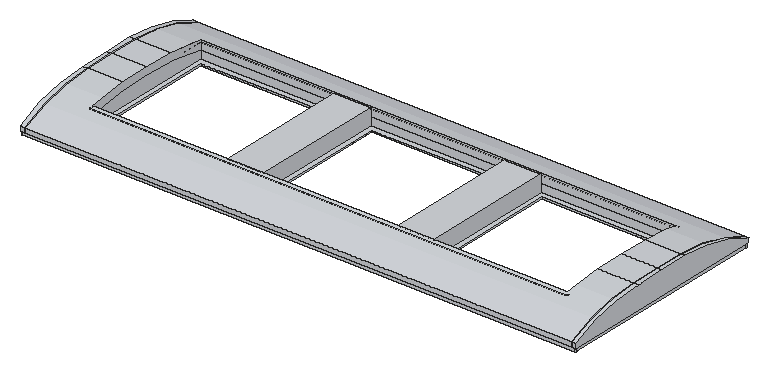
Revit family "Gira_0213766", category Electrical Fixtures, host Face, Revit 2017
Family settings
  Host = Face
  Maintain Annotation Orientation = No
  Round Connector Dimension = Use Diameter
  Part Type = Normal
  Cut with Voids When Loaded = No
  Shared = No
  Room Calculation Point = No
Parameters (values of type "Cov.fr. 3-g interm.fr. CAl Gira Event Clear brown")
  With mounting grid = "No"
  With hinged lid = "No"
  URL = "http://katalog.gira.de/en/datenblatt.html?artikelnr=0213766"
  Type of fastening = "Clamp mounting"
  Transparent = "No"
  Surface protection = "Other"
  Surface finishing = "Glossy"
  Suitable for wall duct = "No"
  Suitable for flush-mounted installation = "Yes"
  Suitable for floor box = "No"
  Suitable for built-in installation = "No"
  Number of units vertical = "3"
  Number of units horizontal = "3"
  Number of units = "3"
  Name = "Cov.fr. 3-g interm.fr. CAl Gira Event Clear brown"
  Mounting direction = "Horizontal and vertical"
  Material quality = "Thermoplastic"
  Material = "Plastic"
  Manufacturer URL = "https://www.gira.de/"
  Manufacturer = "Gira"
  Label space/information surface = "No"
  Keynote = ""
  HeinzeBIM = "https://bimportal.heinze.de/bim/cov-fr-3-g-interm-fr-cal-gira-event-clear-brown/42d670d1d7bac66b800c1b13c9b516c873edd9f2"
  Halogen free = "Yes"
  HAN = "0213766"
  GTIN = "4010337069416"
  Description = "Cov.fr.3g i.fr.CAl EvCl BN,Gira Event Clear cover frame,brown with colour aluminium intermediate frame,3-gang,Features:,- Shatter-proof."
  Degree of protection (IP) = "IP20"
  Default Elevation = 1219.2 mm
  Data sheet (1) = "https://katalog.gira.de/en/download.html?artikelnr=0213766"
  Colour = "Brown"
  Category = "Cover frame for domestic switching devices"
  BIM (1) = "https://media.stage.bim.site/public/gira/36a6b08/Event_Rahmen_3fach.rfa"
  Available = "No"
Reference planes
  plane 1 "Center (Front/Back)": y = 0
  plane 2: z = 0
  plane 3 "Center (Left/Right)": x = 0
Forms (mm)
  Extrusion 1, solid, detail levels fine
    sketch origin (0, 0, 0.05) x (0, 1, 0) y (0, 0, 1)
      loop
        arc (12.445, 9.683) -> (6.223, 9.833) -> (0, 9.85) r 291.636
        arc (0, 9.85) -> (-6.223, 9.833) -> (-12.445, 9.683) r 291.636
        arc (-12.445, 9.683) -> (-29.14, 7.482) -> (-45, 1.823) r 79.728
        line (-45, 1.823) -> (-45, -0.05) -> (-42.086, -0.05)
        arc (-42.086, -0.05) -> (-21.385, 5.559) -> (0, 7.206) r 114.424
        arc (0, 7.206) -> (21.385, 5.559) -> (42.086, -0.05) r 114.424
        line (42.086, -0.05) -> (45, -0.05) -> (45, 1.823)
        arc (45, 1.823) -> (29.14, 7.482) -> (12.445, 9.683) r 79.728
    from -114.3 to 114.3
  Extrusion 2, void, detail levels fine
    sketch origin (0, 0, 0) x (1, 0, 0) y (0, 1, 0)
      loop
        line (-99.355, -28.053) -> (99.355, -28.053) -> (99.355, 28.053) -> (-99.355, 28.053) -> (-99.355, -28.053)
    from 0.724 to 11
  Extrusion 3, solid, detail levels coarse
    sketch origin (0, 0, 0) x (1, 0, 0) y (0, 1, 0)
      loop
        line (-116.3, 45) -> (-116.3, -45) -> (116.3, -45) -> (116.3, 45) -> (-116.3, 45)
    from -1.5 to 9.9
  Extrusion 4, solid, detail levels medium
    sketch origin (0, 0, 0.05) x (0, 1, 0) y (0, 0, 1)
      loop
        arc (12.445, 9.683) -> (6.223, 9.833) -> (0, 9.85) r 291.636
        arc (0, 9.85) -> (-6.223, 9.833) -> (-12.445, 9.683) r 291.636
        arc (-12.445, 9.683) -> (-29.14, 7.482) -> (-45, 1.823) r 79.728
        line (-45, 1.823) -> (-45, -0.05) -> (45, -0.05) -> (45, 1.823)
        arc (45, 1.823) -> (29.14, 7.482) -> (12.445, 9.683) r 79.728
    from -116.3 to 116.3
  Extrusion 5, solid, detail levels fine
    sketch origin (-71.3, 0, -1.5) x (0, 1, 0) y (0, 0, -1)
      loop
        line (45, -3.373) -> (45, -1.5) -> (-45, -1.5) -> (-45, -3.373)
        arc (-45, -3.373) -> (-29.14, -9.032) -> (-12.445, -11.233) r 79.728
        arc (-12.445, -11.233) -> (-6.223, -11.383) -> (0, -11.4) r 291.636
        arc (0, -11.4) -> (6.223, -11.383) -> (12.445, -11.233) r 291.636
        arc (12.445, -11.233) -> (29.14, -9.032) -> (45, -3.373) r 79.728
    from 43 to 45
  Extrusion 6, solid, detail levels fine
    sketch origin (0, 0, 0) x (1, 0, 0) y (0, 1, 0)
      loop
        line (-97.195, 25.7) -> (-97.195, -25.7) -> (-45.395, -25.7) -> (-45.395, 25.7) -> (-97.195, 25.7)
      loop
        line (25.9, -25.7) -> (25.9, 25.7) -> (-25.9, 25.7) -> (-25.9, -25.7) -> (25.9, -25.7)
      loop
        line (-100.19, 28.49) -> (-100.19, -28.495)
        spline (-100.19, -28.495) -> (-100.181, -28.625) -> (-100.156, -28.754) -> (-100.113, -28.878) -> (-100.056, -28.995) -> (-99.983, -29.104) -> (-99.897, -29.202) -> (-99.798, -29.288) -> (-99.69, -29.361) -> (-99.572, -29.419) -> (-99.448, -29.461) -> (-99.32, -29.486) -> (-99.19, -29.495)
        line (-99.19, -29.495) -> (99.195, -29.495)
        spline (99.195, -29.495) -> (99.325, -29.486) -> (99.454, -29.461) -> (99.578, -29.419) -> (99.695, -29.361) -> (99.804, -29.288) -> (99.902, -29.202) -> (99.988, -29.104) -> (100.061, -28.995) -> (100.119, -28.878) -> (100.161, -28.754) -> (100.186, -28.625) -> (100.195, -28.495)
        line (100.195, -28.495) -> (100.195, 28.49)
        spline (100.195, 28.49) -> (100.186, 28.62) -> (100.161, 28.748) -> (100.119, 28.872) -> (100.061, 28.99) -> (99.988, 29.098) -> (99.902, 29.197) -> (99.804, 29.283) -> (99.695, 29.356) -> (99.578, 29.413) -> (99.454, 29.456) -> (99.325, 29.481) -> (99.195, 29.49)
        line (99.195, 29.49) -> (-99.19, 29.49)
        spline (-99.19, 29.49) -> (-99.32, 29.481) -> (-99.448, 29.456) -> (-99.572, 29.413) -> (-99.69, 29.356) -> (-99.798, 29.283) -> (-99.897, 29.197) -> (-99.983, 29.098) -> (-100.056, 28.99) -> (-100.113, 28.872) -> (-100.156, 28.748) -> (-100.181, 28.62) -> (-100.19, 28.49)
      loop
        line (97.2, -25.7) -> (97.2, 25.7) -> (45.4, 25.7) -> (45.4, -25.7) -> (97.2, -25.7)
    from 0.1 to 7.3
  Extrusion 7, solid
    sketch origin (0, 0, 0) x (1, 0, 0) y (0, 1, 0)
      loop
        arc (-116, -44.2) -> (-115.854, -44.554) -> (-115.5, -44.7) r 0.5
        line (-115.5, -44.7) -> (115.5, -44.7)
        arc (115.5, -44.7) -> (115.854, -44.554) -> (116, -44.2) r 0.5
        line (116, -44.2) -> (116, 44.2)
        arc (116, 44.2) -> (115.854, 44.554) -> (115.5, 44.7) r 0.5
        line (115.5, 44.7) -> (-115.5, 44.7)
        arc (-115.5, 44.7) -> (-115.854, 44.554) -> (-116, 44.2) r 0.5
        line (-116, 44.2) -> (-116, -44.2)
      loop
        line (-114.3, 43) -> (-114.3, -43) -> (114.3, -43) -> (114.3, 43) -> (-114.3, 43)
    from -1.5 to 0.5
  Extrusion 8, solid, detail levels fine
    sketch origin (71.3, 0, -1.5) x (0, 1, 0) y (0, 0, 1)
      loop
        arc (45, 3.373) -> (29.14, 9.032) -> (12.445, 11.233) r 79.728
        arc (12.445, 11.233) -> (6.223, 11.383) -> (0, 11.4) r 291.636
        arc (0, 11.4) -> (-6.223, 11.383) -> (-12.445, 11.233) r 291.636
        arc (-12.445, 11.233) -> (-29.14, 9.032) -> (-45, 3.373) r 79.728
        line (-45, 3.373) -> (-45, 1.5) -> (45, 1.5) -> (45, 3.373)
    from 43 to 45
  Extrusion 9, solid, detail levels medium
    sketch origin (0, 0, 0) x (1, 0, 0) y (0, 1, 0)
      loop
        line (-116, -44.7) -> (116, -44.7) -> (116, 44.7) -> (-116, 44.7) -> (-116, -44.7)
    from -1.5 to 0.5
  Extrusion 10, solid, detail levels fine
    sketch origin (-34.207, 0, 0) x (1, 0, 0) y (0, 1, 0)
      loop
        line (-8.943, 28.063) -> (-8.943, -27.937) -> (6.057, -27.937) -> (6.057, 28.063) -> (-8.943, 28.063)
    from 0.724 to 7.566
  Extrusion 11, solid, detail levels fine
    sketch origin (34.207, 0, 0) x (-1, 0, 0) y (0, -1, 0)
      loop
        line (-8.943, -28.063) -> (6.057, -28.063) -> (6.057, 27.937) -> (-8.943, 27.937) -> (-8.943, -28.063)
    from 0.724 to 7.566
Cuts and joins
  Extrusion 2 cuts Extrusion 1
  Extrusion 2 cuts Extrusion 6
Dimensions and locks
  aligned and locked: plane 2 to host face
  aligned and locked: level to host face
